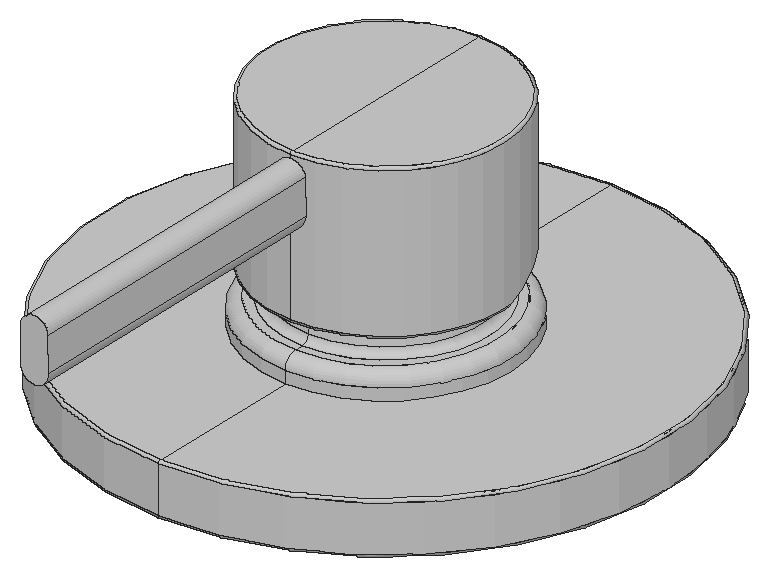
Revit family "Sanitary_Taps-mixers_hansgrohe_74617XXX-Zesis-S-Single-lever-shower-mixer_concealed-installation", category Plumbing Fixtures, host Face, Revit 2022
Family settings
  Host = Face
  Round Connector Dimension = Use Diameter
  Part Type = Normal
  OmniClass Number = 23.31.11.00
  OmniClass Title = Faucets
  Cut with Voids When Loaded = Yes
  Maintain Annotation Orientation = No
  Shared = No
  Room Calculation Point = No
Parameters (values of type "000 Chrome")
  Version = 0
  URL = "https://www.hansgrohe.com/"
  Product data url = "https://www.bimobject.com/en/hansgrohe/product/74617XXX"
  Product Page URL = "https://www.hansgrohe.com/articledetail--74617000"
  Model = "74617XXX"  # constant formula
  Material 1 = Hansgrohe - Metal - 000 Chrome
  Manufacturer = "Hansgrohe"  # constant formula
  Description = "Zesis S Single lever shower mixer for concealed installation"  # constant formula
  Default Elevation = 0 mm
  Date Updated = ""
  Date Created = "2024/12/16"  # constant formula
Types (3, lengths in mm): name | Material 1
  (no name) | Hansgrohe - Metal - 000 Chrome
  000 Chrome | Hansgrohe - Metal - 000 Chrome
  670 Matt Black | Hansgrohe - Metal - 670 Matt Black
Reference planes
  plane 1 "Center (Front/Back)": y = 0
  plane 2: z = 0
  plane 3 "Center (Left/Right)": x = 0
Forms (mm)
  Revolve 1, solid, material "Hansgrohe - Metal - 000 Chrome" <- "Material 1", detail levels fine
    sketch origin (0, 0, 0) x (0, 1, 0) y (0, 0, 1)
      loop
        line (0, 0) -> (54.379, 0)
        arc (54.379, 0) -> (54.732, 0.146) -> (54.879, 0.5) r 0.5
        line (54.879, 0.5) -> (54.879, 9.5)
        arc (54.879, 9.5) -> (54.732, 9.854) -> (54.379, 10) r 0.5
        line (54.379, 10) -> (0, 10) -> (0, 0)
      axis (0, 10) -> (0, 0)
    angle from 0 to 360
  Revolve 2, solid, material "Hansgrohe - Metal - 000 Chrome" <- "Material 1", detail levels fine
    sketch origin (0, 34.048, -7) x (0, 1, 0) y (0, 0, 1)
      loop
        line (-34.048, 12.6) -> (-9.798, 12.6) -> (-9.798, 19.253)
        arc (-9.798, 19.253) -> (-10.518, 20.992) -> (-12.257, 21.713) r 2.459
        line (-12.257, 21.713) -> (-13.952, 21.713)
        arc (-13.952, 21.713) -> (-15.002, 22.126) -> (-15.488, 23.145) r 1.539
        arc (-15.488, 23.145) -> (-17.342, 30.001) -> (-21.66, 35.638) r 18.349
        line (-21.66, 35.638) -> (-34.048, 35.638) -> (-34.048, 12.6)
      axis (-34.048, 35.638) -> (-34.048, 12.6)
    angle from 0 to 360
  Extrusion 3, void
    sketch origin (0, 34.048, -7) x (0, 1, 0) y (0, 0, 1)
      loop
        line (0, 37.41) -> (-39.523, 25.326) -> (0, 25.326) -> (0, 37.41)
    from -25 to 25
  Revolve 4, solid, material "Hansgrohe - Metal - 000 Chrome" <- "Material 1", detail levels fine
    sketch origin (0, 34.048, -7) x (0, 1, 0) y (0, 0, 1)
      loop
        line (-34.048, 27) -> (-11.548, 27)
        arc (-11.548, 27) -> (-11.194, 27.146) -> (-11.048, 27.5) r 0.5
        line (-11.048, 27.5) -> (-11.048, 56.138)
        arc (-11.048, 56.138) -> (-11.194, 56.492) -> (-11.548, 56.638) r 0.5
        line (-11.548, 56.638) -> (-34.048, 56.638) -> (-34.048, 27)
      axis (-34.048, 56.638) -> (-34.048, 27)
    angle from 0 to 360
  Sweep 5, solid, material "Hansgrohe - Metal - 000 Chrome" <- "Material 1", detail levels fine
    path origin (0, 34.048, -7) x (0, 1, 0) y (0, 0, 1)
      loop
        line (-118.95, 49.596) -> (-33.95, 49.596)
    profile origin (0, -84.902, 42.596) x (0, 0, 1) y (1, 0, 0)
      loop
        line (-3.298, -2.749) -> (3.315, -2.634)
        arc (3.315, -2.634) -> (5.904, 0) -> (3.315, 2.634) r 2.634
        line (3.315, 2.634) -> (-3.298, 2.749)
        arc (-3.298, 2.749) -> (-6.096, 0) -> (-3.298, -2.749) r 2.75
  Revolve 6, solid, material "Hansgrohe - Metal - 000 Chrome" <- "Material 1", detail levels coarse+medium
    sketch origin (0, 0, 0) x (0, 1, 0) y (0, 0, 1)
      loop
        line (0, 0) -> (55, 0) -> (55, 9.995) -> (0, 9.995) -> (0, 0)
      axis (0, 9.995) -> (0, 0)
    angle from 0 to 360
  Revolve 7, solid, material "Hansgrohe - Metal - 000 Chrome" <- "Material 1", detail levels medium
    sketch origin (0, 34.048, -7) x (0, 1, 0) y (0, 0, 1)
      loop
        line (-34.048, 8.388) -> (-15.299, 8.388) -> (-15.299, 26.995) -> (-11.048, 26.995) -> (-11.048, 56.638) -> (-34.048, 56.638) -> (-34.048, 8.388)
      axis (-34.048, 56.638) -> (-34.048, 8.388)
    angle from 0 to 360
  Sweep 8, solid, material "Hansgrohe - Metal - 000 Chrome" <- "Material 1", detail levels coarse+medium
    path origin (0, 34.048, -7) x (0, 1, 0) y (0, 0, 1)
      loop
        line (-118.95, 49.596) -> (-33.95, 49.596)
    profile origin (0, -84.902, 42.596) x (0, 0, 1) y (1, 0, 0)
      loop
        line (-6.096, -2.749) -> (5.904, -2.749) -> (5.904, 2.749) -> (-6.096, 2.749) -> (-6.096, -2.749)
  Revolve 9, solid, material "Hansgrohe - Metal - 000 Chrome" <- "Material 1", detail levels coarse
    sketch origin (0, 34.048, -7) x (0, 1, 0) y (0, 0, 1)
      loop
        line (-34.048, 8.388) -> (-11.048, 8.388) -> (-11.048, 56.638) -> (-34.048, 56.638) -> (-34.048, 8.388)
      axis (-34.048, 56.638) -> (-34.048, 8.388)
    angle from 0 to 360
Cuts and joins
  Extrusion 3 cuts Revolve 4
  joined: Revolve 1, Revolve 2, Revolve 4, Sweep 5
Lines and regions (mm)
  Masking region 1
    outline origin (0, 0, 0) x (0, 1, 0) y (0, 0, 1)
      loop
        arc (54.18, 0) -> (54.533, 0.146) -> (54.68, 0.5) r 0.5
        line (54.68, 0.5) -> (54.68, 9.548)
        arc (54.68, 9.548) -> (54.533, 9.902) -> (54.18, 10.048) r 0.5
        line (54.18, 10.048) -> (24.237, 10.048) -> (24.237, 12.204)
        arc (24.237, 12.204) -> (23.502, 13.979) -> (21.727, 14.714) r 2.509
        line (21.727, 14.714) -> (20.096, 14.714)
        arc (20.096, 14.714) -> (19.042, 15.131) -> (18.559, 16.156) r 1.539
        arc (18.559, 16.156) -> (17.692, 20.663) -> (15.719, 24.806) r 18.086
        line (15.719, 24.806) -> (23, 27.032) -> (23, 49.138)
        arc (23, 49.138) -> (22.854, 49.492) -> (22.5, 49.638) r 0.5
        line (22.5, 49.638) -> (0, 49.638) -> (-23, 49.638) -> (-23, 48.5) -> (-84.902, 48.5) -> (-84.902, 36.5) -> (-23, 36.5) -> (-23, 19.995) -> (-17.897, 19.995)
        arc (-17.897, 19.995) -> (-18.332, 18.094) -> (-18.559, 16.156) r 18.086
        arc (-18.559, 16.156) -> (-19.042, 15.131) -> (-20.096, 14.714) r 1.539
        line (-20.096, 14.714) -> (-21.727, 14.714)
        arc (-21.727, 14.714) -> (-23.502, 13.979) -> (-24.237, 12.204) r 2.509
        line (-24.237, 12.204) -> (-24.237, 10.048) -> (-54.18, 10.048)
        arc (-54.18, 10.048) -> (-54.533, 9.902) -> (-54.68, 9.548) r 0.5
        line (-54.68, 9.548) -> (-54.68, 0.5)
        arc (-54.68, 0.5) -> (-54.533, 0.146) -> (-54.18, 0) r 0.5
        line (-54.18, 0) -> (54.18, 0)
  Masking region 2
    outline origin (0, 0, 0) x (1, 0, 0) y (0, 0, 1)
      loop
        line (0, 49.638) -> (-22.5, 49.638)
        arc (-22.5, 49.638) -> (-22.854, 49.492) -> (-23, 49.138) r 0.5
        line (-23, 49.138) -> (-23, 20.495)
        arc (-23, 20.495) -> (-22.854, 20.142) -> (-22.5, 19.995) r 0.5
        line (-22.5, 19.995) -> (-17.574, 19.995)
        arc (-17.574, 19.995) -> (-18.106, 18.008) -> (-18.538, 15.996) r 41.02
        arc (-18.538, 15.996) -> (-19.075, 15.086) -> (-20.069, 14.727) r 1.558
        line (-20.069, 14.727) -> (-21.749, 14.727)
        arc (-21.749, 14.727) -> (-23.518, 13.995) -> (-24.25, 12.227) r 2.501
        line (-24.25, 12.227) -> (-24.25, 9.995) -> (-54.5, 9.995)
        arc (-54.5, 9.995) -> (-54.854, 9.849) -> (-55, 9.495) r 0.5
        line (-55, 9.495) -> (-55, 0.5)
        arc (-55, 0.5) -> (-54.854, 0.146) -> (-54.5, 0) r 0.5
        line (-54.5, 0) -> (0, 0) -> (54.5, 0)
        arc (54.5, 0) -> (54.854, 0.146) -> (55, 0.5) r 0.5
        line (55, 0.5) -> (55, 9.495)
        arc (55, 9.495) -> (54.854, 9.849) -> (54.5, 9.995) r 0.5
        line (54.5, 9.995) -> (24.25, 9.995) -> (24.25, 12.227)
        arc (24.25, 12.227) -> (23.518, 13.995) -> (21.749, 14.727) r 2.501
        line (21.749, 14.727) -> (20.069, 14.727)
        arc (20.069, 14.727) -> (19.075, 15.086) -> (18.538, 15.996) r 1.558
        arc (18.538, 15.996) -> (18.106, 18.008) -> (17.574, 19.995) r 41.02
        line (17.574, 19.995) -> (22.5, 19.995)
        arc (22.5, 19.995) -> (22.854, 20.142) -> (23, 20.495) r 0.5
        line (23, 20.495) -> (23, 49.138)
        arc (23, 49.138) -> (22.854, 49.492) -> (22.5, 49.638) r 0.5
        line (22.5, 49.638) -> (0, 49.638)
  Masking region 3
    outline origin (0, 0, 0) x (1, 0, 0) y (0, 1, 0)
      loop
        line (2.75, -84.902) -> (2.75, -54.931)
        arc (2.75, -54.931) -> (0, 55) -> (-2.75, -54.931) r 55
        line (-2.75, -54.931) -> (-2.75, -84.902) -> (2.75, -84.902)
  symbolic lines, detail levels medium+fine
    curve 1: line (0, -0.015, 19.995) -> (0, -17.574, 19.995)
    curve 2: line (0, 15.809, 24.833) -> (0, -0.015, 19.995)
    curve 3: line (0, -23, 36.5) -> (0, -23, 48.5)
    curve 4: arc (0, -18.749, 14.782) -> (0, 0, 15) -> (0, 18.749, 14.782) r 806.803
    curve 5: circle (0, 0, 0) r 23 normal (0, 0, 1)
    curve 6: line (-2.75, -54.931, 0) -> (-2.75, -22.835, 0)
    curve 7: line (2.75, -54.931, 0) -> (2.75, -22.835, 0)
    curve 8: arc (20.3, 0, 14.745) -> (0, 0, 15) -> (-20.3, 0, 14.745) r 806.803
    curve 9: spline (17.552, 0, 20) -> (17.256, 0, 20.639) -> (16.693, 0, 21.263) -> (15.871, 0, 21.861) -> (14.803, 0, 22.426) -> (13.505, 0, 22.947) -> (11.997, 0, 23.418) -> (10.301, 0, 23.831) -> (8.444, 0, 24.179) -> (6.455, 0, 24.458) -> (4.363, 0, 24.663) -> (2.2, 0, 24.791) -> (0, 0, 24.839)
    curve 10: spline (0, 0, 24.839) -> (-2.2, 0, 24.791) -> (-4.363, 0, 24.663) -> (-6.455, 0, 24.458) -> (-8.444, 0, 24.179) -> (-10.301, 0, 23.831) -> (-11.997, 0, 23.418) -> (-13.505, 0, 22.947) -> (-14.803, 0, 22.426) -> (-15.871, 0, 21.861) -> (-16.693, 0, 21.263) -> (-17.256, 0, 20.639) -> (-17.552, 0, 20)
    curve 11: spline (0, 0, 27.045) -> (2.925, 0, 26.972) -> (5.795, 0, 26.792) -> (8.566, 0, 26.51) -> (11.195, 0, 26.128) -> (13.64, 0, 25.653) -> (15.863, 0, 25.092) -> (17.829, 0, 24.455) -> (19.508, 0, 23.751) -> (20.873, 0, 22.991) -> (21.902, 0, 22.188) -> (22.58, 0, 21.353) -> (22.896, 0, 20.499)
    curve 12: spline (-22.896, 0, 20.499) -> (-22.58, 0, 21.353) -> (-21.902, 0, 22.188) -> (-20.873, 0, 22.991) -> (-19.508, 0, 23.751) -> (-17.829, 0, 24.455) -> (-15.863, 0, 25.092) -> (-13.64, 0, 25.653) -> (-11.195, 0, 26.128) -> (-8.566, 0, 26.51) -> (-5.795, 0, 26.792) -> (-2.925, 0, 26.972) -> (0, 0, 27.045)
Dimensions and locks
  aligned and locked: plane 2 to host face
  aligned and locked: level to host face
